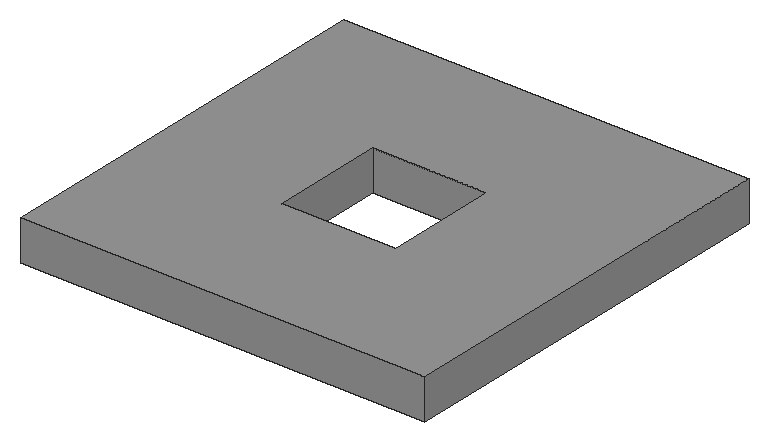
Revit family "soilenvironment", category Generic Models, Revit 2019
Family settings
  Can host rebar = No
  Round Connector Dimension = Use Diameter
  Part Type = Normal
  Work Plane-Based = No
  Always vertical = Yes
  Cut with Voids When Loaded = No
  Shared = No
  Room Calculation Point = No
Parameters
  ww = ll  # 50000 mm
  vww = vll  # 14142 mm
  vll = 14142 mm
  ll = 50000 mm
  hh = 5000 mm
Reference planes
  plane 1 "Center (Front/Back)": y = 0
  plane 2: z = 0
  plane 3 "Center (Left/Right)": x = 0
Forms (mm)
  Extrusion 1, solid, material "Earth"
    sketch origin (0, 0, 0) x (1, 0, 0) y (0, 1, 0)
      loop
        line (-25000, 25000) -> (-25000, -25000) -> (25000, -25000) -> (25000, 25000) -> (-25000, 25000)
    from 0 to 5000
  Extrusion 2, void
    sketch origin (0, 0, 0) x (1, 0, 0) y (0, 1, 0)
      loop
        line (-7071, 7071) -> (-7071, -7071) -> (7071, -7071) -> (7071, 7071) -> (-7071, 7071)
    from 0 to 5000
Cuts and joins
  Extrusion 2 cuts Extrusion 1
Dimensions and locks
  equal spacing: Extrusion 1 sketch curve, plane 1 "Center (Front/Back)", Extrusion 1 sketch curve
  equal spacing: Extrusion 1 sketch curve, plane 3 "Center (Left/Right)", Extrusion 1 sketch curve
  "ll": Extrusion 1 sketch curve to Extrusion 1 sketch curve
  "ww": Extrusion 1 sketch curve to Extrusion 1 sketch curve
  "hh": Extrusion 1 to Extrusion 1
  equal spacing: Extrusion 2 sketch curve, plane 3 "Center (Left/Right)", Extrusion 2 sketch curve
  equal spacing: Extrusion 2 sketch curve, plane 1 "Center (Front/Back)", Extrusion 2 sketch curve
  "vll": Extrusion 2 sketch curve to Extrusion 2 sketch curve
  "vww": Extrusion 2 sketch curve to Extrusion 2 sketch curve
  "hh": cut or joined group of Extrusion 1, Extrusion 2 to cut or joined group of Extrusion 1, Extrusion 2
  aligned and locked: level to plane 2
